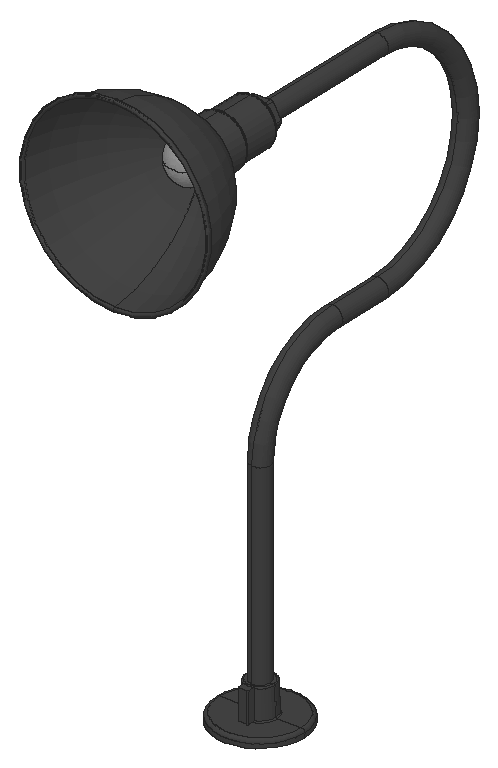
Revit family "BLE-G-DBW-G6-E26", category Lighting Fixtures, host Face, Revit 2022
Family settings
  Host = Face
  Round Connector Dimension = Use Diameter
  Part Type = Normal
  Cut with Voids When Loaded = No
  Light Source = Yes
  Maintain Annotation Orientation = No
  Shared = No
  Room Calculation Point = No
Parameters (values of type "10"")
  Wattage = 5.72229 W
  built-in parameter 1150110 = 1 (stored number, unit not read)
  built-in parameter 1114217 = 1 (stored number, unit not read)
  Tilt Angle = 0.00°
  built-in parameter 1150109 = 1 (stored number, unit not read)
  built-in parameter 1150134 = (empty or 0)
  built-in parameter 1150113 = 1 (stored number, unit not read)
  Gooseneck Material = 100 - Black
  Shade Material = 100 - Black
  Photometric Web File = "generic"
  built-in parameter 1150142 = (empty or 0)
  built-in parameter 1150105 = 67.641 (stored number, unit not read)
  Lumens = 850 lm
  built-in parameter 1150115 = 1 (stored number, unit not read)
  built-in parameter 1150137 = (empty or 0)
  built-in parameter 1150139 = (empty or 0)
  built-in parameter 1150112 = 1 (stored number, unit not read)
  built-in parameter 1150114 = 1 (stored number, unit not read)
  built-in parameter 1150132 = 2
  built-in parameter 1150102 = (empty or 0)
  built-in parameter 1150107 = 3000 (stored number, unit not read)
  built-in parameter 1150138 = (empty or 0)
  built-in parameter 1150106 = 0.67641 (stored number, unit not read)
  24" = no
  built-in parameter 1150104 = 13.8 (stored number, unit not read)
  20" = no
  Dimming Lamp Color Temperature Shift = <None>
  Default Elevation = 4' - 0"
  Color Filter = 16777215
  Base Material = 100 - Black
  built-in parameter 1114218 = 1 (stored number, unit not read)
  built-in parameter 1150133 = 10 (stored number, unit not read)
  16" = no
  14" = no
  12" = no
  10" = yes
Types (7): name | 24" | 20" | 16" | 14" | 12" | 10"
  (no name) | no | no | no | no | no | yes
  12" | no | no | no | no | yes | no
  14" | no | no | no | yes | no | no
  16" | no | no | yes | no | no | no
  10" | no | no | no | no | no | yes
  20" | no | yes | no | no | no | no
  24" | yes | no | no | no | no | no
Reference planes (in)
  plane 1 "Center (Front/Back)": y = 0
  plane 2: z = 0
  plane 3 "Center (Left/Right)": x = 0
Lines and regions (in)
  reference lines
    curve 1: line (0, 32, 0) -> (0, -36, 0)
    curve 2: line (-33.11947, 0, 0) -> (37.88053, 0, 0)
Dimensions and locks (in)
  locked: plane 1 "Center (Front/Back)" to imposter light at 4.5
  aligned and locked: plane 2 to host face
  aligned and locked: level to host face
  aligned and locked: plane 3 "Center (Left/Right)" to nested 1
  aligned and locked: plane 1 "Center (Front/Back)" to nested 1
  aligned and locked: nested 4 to imposter light
  aligned and locked: imposter light to nested 6  (x2)
  aligned and locked: nested 7 to nested 3
  aligned and locked: imposter light to plane 3 "Center (Left/Right)"
  aligned and locked: plane 1 "Center (Front/Back)" to nested 2
  aligned and locked: nested 5 to imposter light
  aligned and locked: imposter light to nested 3
  aligned and locked: nested 7 to imposter light
  aligned and locked: nested 3 to imposter light
  aligned and locked: imposter light to nested 5
  aligned and locked: imposter light to nested 2
Nested families (in)
  nested 1: "WBP-7501" at (0, 0, 0), type "WBP-7501"
  nested 2: "GNK-7506" at (0, 0, 1.975), type "GNK-5011"
  nested 3: "DBW Shade" at (0, -0.52662, 28.47502) x (0, 0, -1) z (0, -1, 0), type "DBW Shade"
    with 24" no, 20" no, 16" no, 14" no, 12" no
  nested 4: "103264" at (0, -3.60156, 28.47502) x (0, 0, -1) z (0, -1, 0), type "103264"
    with Heat Sink 9" no
  nested 5: "CPL-0004" at (0, 0.12356, 28.47502) x (1, 0, 0) z (0, -1, 0), type "CPL-0004"
  nested 6: "E26 Socket Assy" at (0, -0.56568, 28.47502) x (0, 0, -1) z (0, -1, 0), type "E26 Socket Assy"
  nested 7: "E26 Bulb" at (0, -2.82067, 28.47502) x (1, 0, 0) z (0, -1, 0), type "E26 Bulb"
Connectors (in)
  electrical at (0, 0, 0)
    settings: index 1, voltage 0 V, apparent load 0 VA, apparent load phase1 0 VA, apparent load phase2 0 VA, apparent load phase3 0 VA, power factor 1, load classification "Other", number of poles 1, system type 31, power factor state 1, is connector primary yes, connector utility no, sub classification motor no, connector description ""
Definition of nested family "WBP-7501"
  Parameters (values of type "WBP-7501")
    Default Elevation = 3' - 0"
    Base Material = none
  Reference planes (in)
    plane 1 "Center (Front/Back)": y = 0
    plane 2: z = 0
    plane 3 "Center (Left/Right)": x = 0
    plane 4 "Base Dia": x = -2.325
    plane 5 "Base Height": z = 0.4
    plane 6 "Fillet Radius": z = 0.225
    plane 7: z = 0.458
    plane 8: x = -0.87
    plane 9: x = -0.81
    plane 10: x = -0.76
    plane 11: z = 1.917
    plane 12: z = 1.975
    plane 13: x = -0.7
    plane 14: x = -0.2595
    plane 15: x = 0.2595
    plane 16: y = -1.135
  Forms (in)
    Extrusion 1, solid
      sketch origin (0, 0, 0) x (1, 0, 0) y (0, 1, 0)
        loop
          line (-48, 48) -> (-48, -48) -> (48, -48) -> (48, 48) -> (-48, 48)
      from 0 to -12
    Revolve 2, solid, material <- "Base Material"
      sketch origin (0, 0, 0) x (1, 0, 0) y (0, 0, 1)
        loop
          line (0, 0) -> (0, 1.975) -> (-0.7, 1.975)
          arc (-0.7, 1.975) -> (-0.74172, 1.95814) -> (-0.76, 1.91702) r 0.06003
          line (-0.76, 1.91702) -> (-0.81, 0.458)
          arc (-0.81, 0.458) -> (-0.82699, 0.41699) -> (-0.868, 0.4) r 0.058
          line (-0.868, 0.4) -> (-2.15, 0.4)
          arc (-2.15, 0.4) -> (-2.27374, 0.34874) -> (-2.325, 0.225) r 0.175
          line (-2.325, 0.225) -> (-2.325, 0) -> (0, 0)
        axis (0, 0) -> (0, 1.975)
      angle from 0 to 360
    Extrusion 3, solid, material <- "Base Material"
      sketch origin (0, 0, 0) x (1, 0, 0) y (0, 1, 0)
        loop
          line (-0.2595, -0.76731) -> (-0.2595, -1.075)
          arc (-0.2595, -1.075) -> (-0.24193, -1.11743) -> (-0.1995, -1.135) r 0.06
          line (-0.1995, -1.135) -> (0.1995, -1.135)
          arc (0.1995, -1.135) -> (0.24193, -1.11743) -> (0.2595, -1.075) r 0.06
          line (0.2595, -1.075) -> (0.2595, -0.76731)
          arc (0.2595, -0.76731) -> (0, -0.81) -> (-0.2595, -0.76731) r 0.81
      from 0 to 1.975
  Cuts and joins
    joined: Revolve 2, Extrusion 3
  Dimensions and locks (in)
    plane 4 "Base Dia" to plane 3 "Center (Left/Right)" = 0' - 2.325"
    locked: plane 5 "Base Height" to Extrusion 1 at 0.4
    locked: plane 3 "Center (Left/Right)" to plane 4 "Base Dia" at 2.325
    locked: plane 5 "Base Height" to plane 6 "Fillet Radius" at 0.175
    locked: plane 3 "Center (Left/Right)" to plane 9 at 0.81
    locked: plane 3 "Center (Left/Right)" to plane 8 at 0.87
    locked: plane 3 "Center (Left/Right)" to plane 10 at 0.76
    locked: plane 3 "Center (Left/Right)" to plane 13 at 0.7
    locked: plane 11 to plane 5 "Base Height" at 1.517
    locked: plane 12 to plane 5 "Base Height" at 1.575
    locked: plane 7 to plane 5 "Base Height" at 0.058
    locked: plane 14 to plane 3 "Center (Left/Right)" at 0.2595
    locked: plane 3 "Center (Left/Right)" to plane 15 at 0.2595
    locked: plane 16 to plane 1 "Center (Front/Back)" at 1.135
    radius of Revolve 2 sketch curve = 0' - 0.175"
    aligned and locked: plane 2 to Extrusion 1
    aligned and locked: level to Extrusion 1
    aligned and locked: Revolve 2 sketch curve to plane 5 "Base Height"
    aligned and locked: plane 9 to Revolve 2 sketch curve
    aligned and locked: plane 3 "Center (Left/Right)" to Revolve 2 sketch curve
    aligned and locked: plane 15 to Extrusion 3 sketch curve
    aligned and locked: Extrusion 3 sketch curve to plane 16
    aligned and locked: Extrusion 3 sketch curve to plane 14
  Automatic sketch dimensions
    Extrusion 1 sketch curve to Extrusion 1 sketch curve = 8' - 0"  (x2)
    Revolve 2 sketch curve to level = 0' - 0"
    Revolve 2 sketch curve to plane 4 "Base Dia" = 0' - 0"
    Revolve 2 sketch curve to plane 7 = 0' - 0"  (x2)
    plane 10 to Revolve 2 sketch curve = 0' - 0"
    Revolve 2 sketch curve to plane 12 = 0' - 0"
    Revolve 2 sketch curve to plane 13 = 0' - 0"
    Revolve 2 sketch curve to plane 3 "Center (Left/Right)" = 0' - 0"
    Revolve 2 sketch curve to Revolve 2 sketch curve = 0' - 0.22742"
    Revolve 2 sketch curve to Revolve 2 sketch curve = 0' - 1.76377"
    plane 1 "Center (Front/Back)" to Extrusion 3 sketch curve = 0' - 0"
    Extrusion 3 sketch curve to plane 3 "Center (Left/Right)" = 0' - 0"
    plane 14 to Extrusion 3 sketch curve = 0' - 0.06"
    Extrusion 3 sketch curve to plane 15 = 0' - 0.06"
    Extrusion 3 sketch curve to Extrusion 3 sketch curve = 0' - 0.30769"
Definition of nested family "GNK-7506"
  Parameters (values of type "GNK-7506")
    Gooseneck Material = none
    Default Elevation = 2' - 0"
  Reference planes (in)
    plane 1 "Center (Front/Back)": y = 0
    plane 2: z = 0
    plane 3 "Center (Left/Right)": x = 0
    plane 4 "Wood Height": z = 0
    plane 5: z = 26.50002
  Forms (in)
    Extrusion 1, solid
      sketch origin (0, 0, 0) x (1, 0, 0) y (0, 1, 0)
        loop
          line (-48, 48) -> (-48, -48) -> (48, -48) -> (48, 48) -> (-48, 48)
      from 0 to -12
    Sweep 2, solid, material <- "Gooseneck Material"
      path origin (0, 0, 0) x (0, 1, 0) y (0, 0, 1)
        loop
          line (0, -0.0015) -> (0, 10.25116)
          arc (0, 10.25116) -> (1.39092, 13.60915) -> (4.74891, 15.00007) r 4.74891
          line (4.74891, 15.00007) -> (7.75038, 15.00007)
          arc (7.75038, 15.00007) -> (13.50036, 20.75004) -> (7.75038, 26.50002) r 5.74997
          line (7.75038, 26.50002) -> (0.12356, 26.50002)
      profile origin (0, 0, 5.12483) x (0, -1, 0) y (1, 0, 0)
        loop
          circle (0, 0) r 0.52676
  Dimensions and locks (in)
    aligned and locked: plane 2 to Extrusion 1
    aligned and locked: level to Extrusion 1
    aligned and locked: Extrusion 1 to plane 4 "Wood Height"
  Automatic sketch dimensions
    Extrusion 1 sketch curve to Extrusion 1 sketch curve = 8' - 0"  (x2)
    Sweep 2 sketch curve to plane 3 "Center (Left/Right)" = 0' - 0"
    Sweep 2 sketch curve to profile plane = 0' - 0"
    Sweep 2 sketch curve to plane 1 "Center (Front/Back)" = 0' - 0"
    Sweep 2 sketch curve to plane 1 "Center (Front/Back)" = 0' - 4.74891"
    Sweep 2 sketch curve to Sweep 2 sketch curve = 0' - 3.00147"
    level to Sweep 2 sketch curve = 0' - 10.25116"
    Sweep 2 sketch curve to Sweep 2 sketch curve = 0' - 5.74997"
    Sweep 2 sketch curve to plane 1 "Center (Front/Back)" = 0' - 0.12356"
    Sweep 2 sketch curve to level = 0' - 0.0015"
    radius of Sweep 2 sketch curve = 0' - 0.52676"
Definition of nested family "DBW Shade"
  Parameters (values of type "DBW Shade")
    Shade Material = none
    Default Elevation = 2' - 0"
    24" = yes
    20" = yes
    10" = yes
    16" = yes
    14" = yes
    12" = yes
  Reference planes (in)
    plane 1 "Center (Front/Back)": y = 0
    plane 2: z = 0
    plane 3 "Center (Left/Right)": x = 0
  Forms (in)
    Extrusion 1, solid
      sketch origin (0, 0, 0) x (1, 0, 0) y (0, 1, 0)
        loop
          line (-48, 48) -> (-48, -48) -> (48, -48) -> (48, 48) -> (-48, 48)
      from 0 to -12
  Dimensions and locks (in)
    aligned and locked: plane 2 to Extrusion 1
    aligned and locked: level to Extrusion 1
    aligned and locked: plane 1 "Center (Front/Back)" to nested 1
    aligned and locked: plane 3 "Center (Left/Right)" to nested 1
    aligned and locked: plane 3 "Center (Left/Right)" to nested 2
    aligned and locked: plane 1 "Center (Front/Back)" to nested 2
    aligned and locked: plane 1 "Center (Front/Back)" to nested 3
    aligned and locked: plane 3 "Center (Left/Right)" to nested 3
    aligned and locked: plane 1 "Center (Front/Back)" to nested 4
    aligned and locked: plane 1 "Center (Front/Back)" to nested 5
    aligned and locked: plane 3 "Center (Left/Right)" to nested 5
    aligned and locked: plane 3 "Center (Left/Right)" to nested 6
    aligned and locked: plane 1 "Center (Front/Back)" to nested 6
    aligned and locked: plane 3 "Center (Left/Right)" to nested 4
  Nested families (in)
    nested 1: "SHD-0028" at (0, 0, 0), visible <- "10"", type "SHD-0028"
    nested 2: "SHD-0029" at (0, 0, 0), visible <- "12"", type "SHD-0029"
    nested 3: "SHD-0114" at (0, 0, 0), visible <- "14"", type "SHD-0114"
    nested 4: "SHD-0115" at (0, 0, 0), visible <- "16"", type "SHD-0115"
    nested 5: "SHD-0308" at (0, 0, 0), visible <- "24"", type "SHD-0308"
    nested 6: "SHD-0223" at (0, 0, 0), visible <- "20"", type "SHD-0223"
  Definition of nested family "SHD-0028"
    Parameters (values of type "SHD-0028")
      Shade Material = none
      Default Elevation = 2' - 0"
    Reference planes (in)
      plane 1 "Center (Front/Back)": y = 0
      plane 2: z = 0
      plane 3 "Center (Left/Right)": x = 0
      plane 4 "Wood Height": z = 0
      plane 5 "Nut Radius": x = -1.03713
      plane 6 "Nut Flat": x = -0.861
      plane 7 "Shade Thickness": z = 0.04
      plane 8 "Lower Shade bottom": z = 9.109
      plane 9 "Lower Shade Outer Dia": x = -5
      plane 10 "Shade Top Dia": x = -1.20713
      plane 11 "Shade Middle Radius Height1": z = 1.965
      plane 12 "Shade Lower Diameter1": x = -1.44113
      plane 13 "Shade Top Radius": x = -1.29713
      plane 14 "Shade Middle Radious Height2": z = 2.105
      plane 15 "Shade Middle Radius Diameter2": x = -1.41363
      plane 16 "Lip Height": z = 9.029
      plane 17 "Bowl Start": z = 3.545
      plane 18: x = -4.85
      plane 19: z = 9.069
    Forms (in)
      Extrusion 1, solid
        sketch origin (0, 0, 0) x (1, 0, 0) y (0, 1, 0)
          loop
            line (-48, 48) -> (-48, -48) -> (48, -48) -> (48, 48) -> (-48, 48)
        from 0 to -12
      Revolve 2, solid, material <- "Shade Material"
        sketch origin (0, 0, 0) x (1, 0, 0) y (0, 0, 1)
          loop
            line (0, 0) -> (0, 0.03906) -> (-1.20713, 0.03906)
            arc (-1.20713, 0.03906) -> (-1.24314, 0.05398) -> (-1.25806, 0.09) r 0.05094
            line (-1.25806, 0.09) -> (-1.25806, 1.94384)
            arc (-1.25806, 1.94384) -> (-1.26409, 1.97759) -> (-1.28141, 2.00717) r 0.09757
            line (-1.28141, 2.00717) -> (-1.37456, 2.11635) -> (-1.37456, 3.48096)
            arc (-1.37456, 3.48096) -> (-1.39014, 3.54099) -> (-1.43295, 3.58588) r 0.12347
            arc (-1.43295, 3.58588) -> (-3.7536, 5.90437) -> (-4.80544, 9.01154) r 7.20294
            arc (-4.80544, 9.01154) -> (-4.99326, 9.04214) -> (-4.84504, 8.9228) r 0.09841
            line (-4.84504, 8.9228) -> (-4.86619, 8.95581)
            arc (-4.86619, 8.95581) -> (-4.95809, 9.02506) -> (-4.84432, 9.00777) r 0.05934
            arc (-4.84432, 9.00777) -> (-3.78678, 5.88375) -> (-1.45354, 3.55268) r 7.242
            arc (-1.45354, 3.55268) -> (-1.42428, 3.522) -> (-1.41363, 3.48096) r 0.0844
            line (-1.41363, 3.48096) -> (-1.41363, 2.13147)
            arc (-1.41363, 2.13147) -> (-1.40868, 2.10377) -> (-1.39446, 2.07949) r 0.08009
            line (-1.39446, 2.07949) -> (-1.31112, 1.98181)
            arc (-1.31112, 1.98181) -> (-1.30074, 1.96408) -> (-1.29713, 1.94384) r 0.0585
            line (-1.29713, 1.94384) -> (-1.29713, 0.09)
            arc (-1.29713, 0.09) -> (-1.27077, 0.02636) -> (-1.20713, 0) r 0.09
            line (-1.20713, 0) -> (0, 0)
          axis (0, 9.01154) -> (0, 0)
        angle from 0 to 360
    Dimensions and locks (in)
      locked: plane 6 "Nut Flat" to plane 3 "Center (Left/Right)" at 0.861
      locked: plane 7 "Shade Thickness" to plane 4 "Wood Height" at 0.04
      locked: plane 3 "Center (Left/Right)" to plane 9 "Lower Shade Outer Dia" at 5
      locked: plane 11 "Shade Middle Radius Height1" to plane 4 "Wood Height" at 1.965
      locked: plane 14 "Shade Middle Radious Height2" to plane 4 "Wood Height" at 2.105
      locked: plane 8 "Lower Shade bottom" to plane 16 "Lip Height" at 0.08
      locked: plane 17 "Bowl Start" to plane 4 "Wood Height" at 3.545
      locked: plane 18 to plane 9 "Lower Shade Outer Dia" at 0.15
      locked: plane 8 "Lower Shade bottom" to plane 19 at 0.04
      locked: plane 8 "Lower Shade bottom" to plane 4 "Wood Height" at 9.109
      aligned and locked: plane 2 to Extrusion 1
      aligned and locked: level to Extrusion 1
      aligned and locked: plane 4 "Wood Height" to Revolve 2 sketch curve
      aligned and locked: plane 10 "Shade Top Dia" to Revolve 2 sketch curve
      aligned and locked: Revolve 2 sketch curve to plane 15 "Shade Middle Radius Diameter2"
      aligned and locked: Revolve 2 sketch curve to plane 13 "Shade Top Radius"
      aligned and locked: Extrusion 1 to plane 4 "Wood Height"
    Automatic sketch dimensions
      Extrusion 1 sketch curve to Extrusion 1 sketch curve = 8' - 0"  (x2)
      Revolve 2 sketch curve to Revolve 2 sketch curve = 0' - 0"  (x12)
      Revolve 2 sketch curve to plane 3 "Center (Left/Right)" = 0' - 0"  (x2)
      plane 18 to Revolve 2 sketch curve = 0' - 0.00496"
      Revolve 2 sketch curve to plane 18 = 0' - 0.01619"
      plane 15 "Shade Middle Radius Diameter2" to Revolve 2 sketch curve = 0' - 0.01916"
      plane 14 "Shade Middle Radious Height2" to Revolve 2 sketch curve = 0' - 0.01135"
      plane 15 "Shade Middle Radius Diameter2" to Revolve 2 sketch curve = 0' - 0 5/128"
      Revolve 2 sketch curve to plane 11 "Shade Middle Radius Height1" = 0' - 0.02116"
      plane 15 "Shade Middle Radius Diameter2" to Revolve 2 sketch curve = 0' - 0.058"
      plane 14 "Shade Middle Radious Height2" to Revolve 2 sketch curve = 0' - 0.02647"
      Revolve 2 sketch curve to plane 13 "Shade Top Radius" = 0' - 0.01572"
      Revolve 2 sketch curve to Revolve 2 sketch curve = 0' - 0 5/128"
      Revolve 2 sketch curve to plane 17 "Bowl Start" = 0' - 0.06404"
      plane 18 to Revolve 2 sketch curve = 0' - 0.00568"
      plane 17 "Bowl Start" to Revolve 2 sketch curve = 0' - 0.15101"
      Revolve 2 sketch curve to Revolve 2 sketch curve = 0' - 2.15863"
      Revolve 2 sketch curve to plane 12 "Shade Lower Diameter1" = 0' - 0.00818"
      Revolve 2 sketch curve to Revolve 2 sketch curve = 0' - 0.03888"  (x2)
      Revolve 2 sketch curve to Revolve 2 sketch curve = 0' - 0.03301"
      Revolve 2 sketch curve to Revolve 2 sketch curve = 0' - 0.02059"
      Revolve 2 sketch curve to Revolve 2 sketch curve = 0' - 0.03319"
  Definition of nested family "SHD-0029"
    Parameters (values of type "SHD-0029")
      Shade Material = none
      Default Elevation = 2' - 0"
    Reference planes (in)
      plane 1 "Center (Front/Back)": y = 0
      plane 2: z = 0
      plane 3 "Center (Left/Right)": x = 0
      plane 4 "Wood Height": z = 0
      plane 5 "Nut Radius": x = -1.03713
      plane 6 "Nut Flat": x = -0.861
      plane 7 "Shade Thickness": z = 0.04
      plane 8 "Shade Top Dia": x = -1.20713
      plane 9 "Shade Middle Radius Height1": z = 1.965
      plane 10 "Shade Lower Diameter1": x = -1.44113
      plane 11 "Shade Top Radius": x = -1.29713
      plane 12 "Shade Middle Radious Height2": z = 2.105
      plane 13 "Shade Middle Radius Diameter2": x = -1.41363
      plane 14 "Bowl Start": z = 3.545
    Forms (in)
      Extrusion 1, solid
        sketch origin (0, 0, 0) x (1, 0, 0) y (0, 1, 0)
          loop
            line (-48, 48) -> (-48, -48) -> (48, -48) -> (48, 48) -> (-48, 48)
        from 0 to -12
      Revolve 2, solid, material <- "Shade Material"
        sketch origin (0, 0, 0) x (1, 0, 0) y (0, 0, 1)
          loop
            line (0, 0) -> (0, 0.03906) -> (-1.20713, 0.03906)
            arc (-1.20713, 0.03906) -> (-1.24314, 0.05398) -> (-1.25806, 0.09) r 0.05094
            line (-1.25806, 0.09) -> (-1.25806, 1.94384)
            arc (-1.25806, 1.94384) -> (-1.26409, 1.97759) -> (-1.28141, 2.00717) r 0.09757
            line (-1.28141, 2.00717) -> (-1.37456, 2.11635) -> (-1.37456, 3.49488)
            arc (-1.37456, 3.49488) -> (-1.3856, 3.54027) -> (-1.41623, 3.57553) r 0.09889
            arc (-1.41623, 3.57553) -> (-4.2546, 6.22323) -> (-5.80711, 9.7808) r 9.56481
            arc (-5.80711, 9.7808) -> (-5.99536, 9.79563) -> (-5.84506, 9.68132) r 0.09841
            line (-5.84506, 9.68132) -> (-5.86621, 9.71432)
            arc (-5.86621, 9.71432) -> (-5.9593, 9.78052) -> (-5.84534, 9.77276) r 0.05934
            arc (-5.84534, 9.77276) -> (-4.28694, 6.2013) -> (-1.43786, 3.54296) r 9.60387
            arc (-1.43786, 3.54296) -> (-1.42003, 3.5218) -> (-1.41363, 3.49488) r 0.05982
            line (-1.41363, 3.49488) -> (-1.41363, 2.13147)
            arc (-1.41363, 2.13147) -> (-1.40868, 2.10377) -> (-1.39446, 2.07949) r 0.08009
            line (-1.39446, 2.07949) -> (-1.31112, 1.98181)
            arc (-1.31112, 1.98181) -> (-1.30074, 1.96408) -> (-1.29713, 1.94384) r 0.0585
            line (-1.29713, 1.94384) -> (-1.29713, 0.09)
            arc (-1.29713, 0.09) -> (-1.27077, 0.02636) -> (-1.20713, 0) r 0.09
            line (-1.20713, 0) -> (0, 0)
          axis (0, 9.7808) -> (0, 0)
        angle from 0 to 360
    Dimensions and locks (in)
      locked: plane 6 "Nut Flat" to plane 3 "Center (Left/Right)" at 0.861
      locked: plane 7 "Shade Thickness" to plane 4 "Wood Height" at 0.04
      locked: plane 9 "Shade Middle Radius Height1" to plane 4 "Wood Height" at 1.965
      locked: plane 12 "Shade Middle Radious Height2" to plane 4 "Wood Height" at 2.105
      locked: plane 14 "Bowl Start" to plane 4 "Wood Height" at 3.545
      aligned and locked: plane 2 to Extrusion 1
      aligned and locked: level to Extrusion 1
      aligned and locked: plane 4 "Wood Height" to Revolve 2 sketch curve
      aligned and locked: plane 8 "Shade Top Dia" to Revolve 2 sketch curve
      aligned and locked: Revolve 2 sketch curve to plane 13 "Shade Middle Radius Diameter2"
      aligned and locked: Revolve 2 sketch curve to plane 11 "Shade Top Radius"
      aligned and locked: Extrusion 1 to plane 4 "Wood Height"
    Automatic sketch dimensions
      Extrusion 1 sketch curve to Extrusion 1 sketch curve = 8' - 0"  (x2)
      Revolve 2 sketch curve to Revolve 2 sketch curve = 0' - 0"  (x15)
      Revolve 2 sketch curve to plane 3 "Center (Left/Right)" = 0' - 0"  (x2)
      plane 10 "Shade Lower Diameter1" to Revolve 2 sketch curve = 0' - 0.03232"
      Revolve 2 sketch curve to Revolve 2 sketch curve = 0' - 0.02115"
      Revolve 2 sketch curve to Revolve 2 sketch curve = 0' - 0.0372"
      plane 13 "Shade Middle Radius Diameter2" to Revolve 2 sketch curve = 0' - 0.01916"
      plane 12 "Shade Middle Radious Height2" to Revolve 2 sketch curve = 0' - 0.01135"
      plane 13 "Shade Middle Radius Diameter2" to Revolve 2 sketch curve = 0' - 0 5/128"
      Revolve 2 sketch curve to plane 9 "Shade Middle Radius Height1" = 0' - 0.02116"
      plane 13 "Shade Middle Radius Diameter2" to Revolve 2 sketch curve = 0' - 0.058"
      plane 12 "Shade Middle Radious Height2" to Revolve 2 sketch curve = 0' - 0.02647"
      Revolve 2 sketch curve to plane 11 "Shade Top Radius" = 0' - 0.01572"
      Revolve 2 sketch curve to Revolve 2 sketch curve = 0' - 0 5/128"
      Revolve 2 sketch curve to plane 14 "Bowl Start" = 0' - 0.05012"
      Revolve 2 sketch curve to Revolve 2 sketch curve = 0' - 0.03301"
      Revolve 2 sketch curve to Revolve 2 sketch curve = 0' - 0.04623"
      Revolve 2 sketch curve to plane 13 "Shade Middle Radius Diameter2" = 0' - 0.00261"
      Revolve 2 sketch curve to plane 14 "Bowl Start" = 0' - 0.00204"
      plane 14 "Bowl Start" to Revolve 2 sketch curve = 0' - 0.15101"
      Revolve 2 sketch curve to Revolve 2 sketch curve = 0' - 2.15863"
      plane 10 "Shade Lower Diameter1" to Revolve 2 sketch curve = 0' - 4.40394"
      plane 3 "Center (Left/Right)" to Revolve 2 sketch curve = 0' - 3.5532"
      plane 14 "Bowl Start" to Revolve 2 sketch curve = 0' - 6.13632"
  Definition of nested family "SHD-0114"
    Parameters (values of type "SHD-0114")
      Shade Material = none
      Default Elevation = 2' - 0"
    Reference planes (in)
      plane 1 "Center (Front/Back)": y = 0
      plane 2: z = 0
      plane 3 "Center (Left/Right)": x = 0
      plane 4 "Wood Height": z = 0
    Forms (in)
      Extrusion 1, solid
        sketch origin (0, 0, 0) x (1, 0, 0) y (0, 1, 0)
          loop
            line (-48, 48) -> (-48, -48) -> (48, -48) -> (48, 48) -> (-48, 48)
        from 0 to -12
      Revolve 2, solid, material <- "Shade Material"
        sketch origin (0, 0, 0) x (1, 0, 0) y (0, 0, 1)
          loop
            line (0, 0) -> (0, 0.03906) -> (-1.45545, 0.03906)
            arc (-1.45545, 0.03906) -> (-1.49164, 0.05405) -> (-1.50663, 0.09025) r 0.05119
            line (-1.50663, 0.09025) -> (-1.50663, 2.07228)
            arc (-1.50663, 2.07228) -> (-1.51325, 2.1034) -> (-1.53194, 2.12913) r 0.0765
            line (-1.53194, 2.12913) -> (-1.59895, 2.18946)
            arc (-1.59895, 2.18946) -> (-1.61737, 2.21483) -> (-1.62389, 2.24549) r 0.07539
            line (-1.62389, 2.24549) -> (-1.62389, 3.76049)
            arc (-1.62389, 3.76049) -> (-1.63985, 3.81863) -> (-1.68326, 3.86047) r 0.11386
            arc (-1.68326, 3.86047) -> (-5.12462, 6.95788) -> (-6.79993, 11.27416) r 9.99002
            arc (-6.79993, 11.27416) -> (-6.99505, 11.29998) -> (-6.84047, 11.17815) r 0.10205
            line (-6.84047, 11.17815) -> (-6.86365, 11.20959)
            arc (-6.86365, 11.20959) -> (-6.95906, 11.28479) -> (-6.83863, 11.26885) r 0.06299
            arc (-6.83863, 11.26885) -> (-5.15677, 6.93569) -> (-1.70196, 3.82617) r 10.02909
            arc (-1.70196, 3.82617) -> (-1.67344, 3.79868) -> (-1.66295, 3.76049) r 0.07479
            line (-1.66295, 3.76049) -> (-1.66295, 2.24549)
            arc (-1.66295, 2.24549) -> (-1.65306, 2.19894) -> (-1.62508, 2.16043) r 0.11445
            line (-1.62508, 2.16043) -> (-1.55808, 2.1001)
            arc (-1.55808, 2.1001) -> (-1.54893, 2.08751) -> (-1.54569, 2.07228) r 0.03743
            line (-1.54569, 2.07228) -> (-1.54569, 0.09025)
            arc (-1.54569, 0.09025) -> (-1.51926, 0.02643) -> (-1.45545, 0) r 0.09025
            line (-1.45545, 0) -> (0, 0)
          axis (0, 11.27416) -> (0, 0)
        angle from 0 to 360
    Dimensions and locks (in)
      aligned and locked: plane 2 to Extrusion 1
      aligned and locked: level to Extrusion 1
      aligned and locked: Extrusion 1 to plane 4 "Wood Height"
    Automatic sketch dimensions
      Extrusion 1 sketch curve to Extrusion 1 sketch curve = 8' - 0"  (x2)
      Revolve 2 sketch curve to Revolve 2 sketch curve = 0' - 0"  (x25)
      Revolve 2 sketch curve to level = 0' - 0"
      Revolve 2 sketch curve to plane 3 "Center (Left/Right)" = 0' - 0"  (x2)
      Revolve 2 sketch curve to Revolve 2 sketch curve = 0' - 0.01239"
      Revolve 2 sketch curve to Revolve 2 sketch curve = 0' - 0.07479"
      Revolve 2 sketch curve to Revolve 2 sketch curve = 0' - 0.02318"
      Revolve 2 sketch curve to Revolve 2 sketch curve = 0' - 0.03738"
      Revolve 2 sketch curve to Revolve 2 sketch curve = 0' - 0.03144"
      Revolve 2 sketch curve to Revolve 2 sketch curve = 0' - 0.0507"
      Revolve 2 sketch curve to Revolve 2 sketch curve = 0' - 0.01869"  (x2)
      Revolve 2 sketch curve to Revolve 2 sketch curve = 0' - 2.15863"
      plane 3 "Center (Left/Right)" to Revolve 2 sketch curve = 0' - 3.09734"
      Revolve 2 sketch curve to Revolve 2 sketch curve = 0' - 0.02614"
      Revolve 2 sketch curve to Revolve 2 sketch curve = 0' - 0 5/128"  (x2)
      Revolve 2 sketch curve to Revolve 2 sketch curve = 0' - 1.45545"
      Revolve 2 sketch curve to Revolve 2 sketch curve = 0' - 0.05119"
      Revolve 2 sketch curve to Revolve 2 sketch curve = 0' - 0.02531"
      Revolve 2 sketch curve to Revolve 2 sketch curve = 0' - 0.01656"
      Revolve 2 sketch curve to Revolve 2 sketch curve = 0' - 0.02505"
      Revolve 2 sketch curve to Revolve 2 sketch curve = 0' - 0.05045"
      Revolve 2 sketch curve to plane 3 "Center (Left/Right)" = 0' - 6.84047"
      Revolve 2 sketch curve to Revolve 2 sketch curve = 0' - 1.98204"
      Revolve 2 sketch curve to Revolve 2 sketch curve = 0' - 1.515"
      Revolve 2 sketch curve to Revolve 2 sketch curve = 0' - 7.41765"
      Revolve 2 sketch curve to Revolve 2 sketch curve = 0' - 0.06448"
  Definition of nested family "SHD-0115"
    Parameters (values of type "SHD-0115")
      Shade Material = none
      Default Elevation = 2' - 0"
    Reference planes (in)
      plane 1 "Center (Front/Back)": y = 0
      plane 2: z = 0
      plane 3 "Center (Left/Right)": x = 0
      plane 4 "Wood Height": z = 0
    Forms (in)
      Extrusion 1, solid
        sketch origin (0, 0, 0) x (1, 0, 0) y (0, 1, 0)
          loop
            line (-48, 48) -> (-48, -48) -> (48, -48) -> (48, 48) -> (-48, 48)
        from 0 to -12
      Revolve 2, solid, material <- "Shade Material"
        sketch origin (0, 0, 0) x (1, 0, 0) y (0, 0, 1)
          loop
            line (0, 0) -> (0, 0.03906) -> (-1.45545, 0.03906)
            arc (-1.45545, 0.03906) -> (-1.49164, 0.05405) -> (-1.50663, 0.09025) r 0.05119
            line (-1.50663, 0.09025) -> (-1.50663, 2.07228)
            arc (-1.50663, 2.07228) -> (-1.51325, 2.1034) -> (-1.53194, 2.12913) r 0.0765
            line (-1.53194, 2.12913) -> (-1.59895, 2.18946)
            arc (-1.59895, 2.18946) -> (-1.61737, 2.21483) -> (-1.62389, 2.24549) r 0.07539
            line (-1.62389, 2.24549) -> (-1.62389, 3.76049)
            arc (-1.62389, 3.76049) -> (-1.64115, 3.82076) -> (-1.6877, 3.86276) r 0.11386
            arc (-1.6877, 3.86276) -> (-5.9143, 7.51176) -> (-7.79992, 12.76759) r 10.98102
            arc (-7.79992, 12.76759) -> (-7.99459, 12.80067) -> (-7.84102, 12.67655) r 0.10205
            line (-7.84102, 12.67655) -> (-7.8642, 12.70799)
            arc (-7.8642, 12.70799) -> (-7.95899, 12.7846) -> (-7.83883, 12.76418) r 0.06299
            arc (-7.83883, 12.76418) -> (-5.94651, 7.48965) -> (-1.70487, 3.82767) r 11.02008
            arc (-1.70487, 3.82767) -> (-1.67429, 3.80009) -> (-1.66295, 3.76049) r 0.07479
            line (-1.66295, 3.76049) -> (-1.66295, 2.24549)
            arc (-1.66295, 2.24549) -> (-1.65306, 2.19894) -> (-1.62508, 2.16043) r 0.11445
            line (-1.62508, 2.16043) -> (-1.55808, 2.1001)
            arc (-1.55808, 2.1001) -> (-1.54893, 2.08751) -> (-1.54569, 2.07228) r 0.03743
            line (-1.54569, 2.07228) -> (-1.54569, 0.09025)
            arc (-1.54569, 0.09025) -> (-1.51926, 0.02643) -> (-1.45545, 0) r 0.09025
            line (-1.45545, 0) -> (0, 0)
          axis (0, 12.76759) -> (0, 0)
        angle from 0 to 360
    Dimensions and locks (in)
      aligned and locked: plane 2 to Extrusion 1
      aligned and locked: level to Extrusion 1
      aligned and locked: Extrusion 1 to plane 4 "Wood Height"
    Automatic sketch dimensions
      Extrusion 1 sketch curve to Extrusion 1 sketch curve = 8' - 0"  (x2)
      Revolve 2 sketch curve to Revolve 2 sketch curve = 0' - 0"  (x16)
      Revolve 2 sketch curve to level = 0' - 0"
      Revolve 2 sketch curve to plane 3 "Center (Left/Right)" = 0' - 0"  (x2)
      Revolve 2 sketch curve to Revolve 2 sketch curve = 0' - 1.45545"
      Revolve 2 sketch curve to plane 3 "Center (Left/Right)" = 0' - 1.50663"
      Revolve 2 sketch curve to Revolve 2 sketch curve = 0' - 0.02531"
      Revolve 2 sketch curve to Revolve 2 sketch curve = 0' - 0 5/128"
      Revolve 2 sketch curve to Revolve 2 sketch curve = 0' - 0.01656"
      Revolve 2 sketch curve to Revolve 2 sketch curve = 0' - 0.01239"
      Revolve 2 sketch curve to Revolve 2 sketch curve = 0' - 0.02505"
      Revolve 2 sketch curve to Revolve 2 sketch curve = 0' - 0.05045"
      Revolve 2 sketch curve to Revolve 2 sketch curve = 0' - 0.02494"
      Revolve 2 sketch curve to Revolve 2 sketch curve = 0' - 0.02614"
      Revolve 2 sketch curve to Revolve 2 sketch curve = 0' - 0.07479"
      Revolve 2 sketch curve to Revolve 2 sketch curve = 0' - 0.02318"
      Revolve 2 sketch curve to Revolve 2 sketch curve = 0' - 0.03738"
      plane 3 "Center (Left/Right)" to Revolve 2 sketch curve = 0' - 3.13919"
      Revolve 2 sketch curve to Revolve 2 sketch curve = 0' - 1.98204"
      Revolve 2 sketch curve to Revolve 2 sketch curve = 0' - 1.515"
      Revolve 2 sketch curve to Revolve 2 sketch curve = 0' - 0.03144"
      Revolve 2 sketch curve to Revolve 2 sketch curve = 0' - 0.0507"
      Revolve 2 sketch curve to Revolve 2 sketch curve = 0' - 1.04947"
      Revolve 2 sketch curve to Revolve 2 sketch curve = 0' - 0.03891"
      Revolve 2 sketch curve to Revolve 2 sketch curve = 0' - 0.06448"
      Revolve 2 sketch curve to Revolve 2 sketch curve = 0' - 2.15863"
  Definition of nested family "SHD-0308"
    Parameters (values of type "SHD-0308")
      Shade Material = none
      Default Elevation = 2' - 0"
    Reference planes (in)
      plane 1 "Center (Front/Back)": y = 0
      plane 2: z = 0
      plane 3 "Center (Left/Right)": x = 0
      plane 4 "Wood Height": z = 0
    Forms (in)
      Extrusion 1, solid
        sketch origin (0, 0, 0) x (1, 0, 0) y (0, 1, 0)
          loop
            line (-48, 48) -> (-48, -48) -> (48, -48) -> (48, 48) -> (-48, 48)
        from 0 to -12
      Revolve 2, solid, material <- "Shade Material"
        sketch origin (0, 0, 0) x (1, 0, 0) y (0, 0, 1)
          loop
            line (0, 0) -> (0, 0.03906) -> (-2.22237, 0.03906)
            arc (-2.22237, 0.03906) -> (-2.2742, 0.06053) -> (-2.29567, 0.11236) r 0.0733
            line (-2.29567, 0.11236) -> (-2.29567, 3.09806)
            arc (-2.29567, 3.09806) -> (-2.30835, 3.16758) -> (-2.34475, 3.22814) r 0.19691
            line (-2.34475, 3.22814) -> (-2.42725, 3.32189)
            arc (-2.42725, 3.32189) -> (-2.46224, 3.38009) -> (-2.47442, 3.4469) r 0.18923
            line (-2.47442, 3.4469) -> (-2.47442, 5.72055)
            arc (-2.47442, 5.72055) -> (-2.4994, 5.80773) -> (-2.56677, 5.86845) r 0.16462
            arc (-2.56677, 5.86845) -> (-9.0535, 11.47959) -> (-11.91654, 19.56448) r 16.76616
            arc (-11.91654, 19.56448) -> (-11.93143, 19.59499) -> (-11.96306, 19.60734) r 0.04667
            line (-11.96306, 19.60734) -> (-12.00319, 19.60734)
            arc (-12.00319, 19.60734) -> (-12.07667, 19.53386) -> (-12.00319, 19.46037) r 0.07348
            line (-12.00319, 19.46037) -> (-11.96309, 19.46037) -> (-11.96309, 19.49944) -> (-12.00319, 19.49944)
            arc (-12.00319, 19.49944) -> (-12.03761, 19.53386) -> (-12.00319, 19.56828) r 0.03442
            line (-12.00319, 19.56828) -> (-11.95604, 19.56828)
            arc (-11.95604, 19.56828) -> (-9.08774, 11.46046) -> (-2.58392, 5.83336) r 16.80523
            arc (-2.58392, 5.83336) -> (-2.53254, 5.78704) -> (-2.51348, 5.72055) r 0.12556
            line (-2.51348, 5.72055) -> (-2.51348, 3.4469)
            arc (-2.51348, 3.4469) -> (-2.49878, 3.3663) -> (-2.45658, 3.29609) r 0.22829
            line (-2.45658, 3.29609) -> (-2.37408, 3.20234)
            arc (-2.37408, 3.20234) -> (-2.34489, 3.15379) -> (-2.33473, 3.09806) r 0.15785
            line (-2.33473, 3.09806) -> (-2.33473, 0.11236)
            arc (-2.33473, 0.11236) -> (-2.30182, 0.03291) -> (-2.22237, 0) r 0.11236
            line (-2.22237, 0) -> (0, 0)
          axis (0, 19.60734) -> (0, 0)
        angle from 0 to 360
    Dimensions and locks (in)
      aligned and locked: plane 2 to Extrusion 1
      aligned and locked: level to Extrusion 1
      aligned and locked: Extrusion 1 to plane 4 "Wood Height"
    Automatic sketch dimensions
      Extrusion 1 sketch curve to Extrusion 1 sketch curve = 8' - 0"  (x2)
      Revolve 2 sketch curve to Revolve 2 sketch curve = 0' - 0"  (x24)
      Revolve 2 sketch curve to level = 0' - 0"
      Revolve 2 sketch curve to plane 3 "Center (Left/Right)" = 0' - 0"  (x2)
      Revolve 2 sketch curve to Revolve 2 sketch curve = 0' - 0.01047"
      Revolve 2 sketch curve to Revolve 2 sketch curve = 0' - 0.01002"
      Revolve 2 sketch curve to Revolve 2 sketch curve = 0' - 0.02933"  (x2)
      Revolve 2 sketch curve to Revolve 2 sketch curve = 0' - 0.04717"
      Revolve 2 sketch curve to Revolve 2 sketch curve = 0' - 0.12556"
      Revolve 2 sketch curve to Revolve 2 sketch curve = 0' - 0.00701"
      Revolve 2 sketch curve to Revolve 2 sketch curve = 0' - 0.00004"
      Revolve 2 sketch curve to Revolve 2 sketch curve = 0' - 0.04013"
      plane 3 "Center (Left/Right)" to Revolve 2 sketch curve = 0' - 4.79372"
      Revolve 2 sketch curve to Revolve 2 sketch curve = 0' - 0 5/128"  (x2)
      Revolve 2 sketch curve to Revolve 2 sketch curve = 0' - 2.9857"
      Revolve 2 sketch curve to Revolve 2 sketch curve = 0' - 2.27365"
      Revolve 2 sketch curve to Revolve 2 sketch curve = 0' - 0.03442"
      Revolve 2 sketch curve to Revolve 2 sketch curve = 0' - 0.00761"
      Revolve 2 sketch curve to Revolve 2 sketch curve = 0' - 0.24911"
      Revolve 2 sketch curve to Revolve 2 sketch curve = 0' - 2.15863"
      Revolve 2 sketch curve to Revolve 2 sketch curve = 0' - 2.22237"
      Revolve 2 sketch curve to plane 3 "Center (Left/Right)" = 0' - 2.28519"
      Revolve 2 sketch curve to plane 3 "Center (Left/Right)" = 0' - 11.95604"
      Revolve 2 sketch curve to Revolve 2 sketch curve = 1' - 1.73983"
      Revolve 2 sketch curve to Revolve 2 sketch curve = 1' - 3.07792"
  Definition of nested family "SHD-0223"
    Parameters (values of type "SHD-0223")
      Shade Material = none
      Default Elevation = 2' - 0"
    Reference planes (in)
      plane 1 "Center (Front/Back)": y = 0
      plane 2: z = 0
      plane 3 "Center (Left/Right)": x = 0
      plane 4 "Wood Height": z = 0
    Forms (in)
      Extrusion 1, solid
        sketch origin (0, 0, 0) x (1, 0, 0) y (0, 1, 0)
          loop
            line (-48, 48) -> (-48, -48) -> (48, -48) -> (48, 48) -> (-48, 48)
        from 0 to -12
      Revolve 2, solid, material <- "Shade Material"
        sketch origin (0, 0, 0) x (1, 0, 0) y (0, 0, 1)
          loop
            line (0, 0) -> (0, 0.03906) -> (-1.8485, 0.03906)
            arc (-1.8485, 0.03906) -> (-1.88896, 0.05582) -> (-1.90572, 0.09628) r 0.05722
            line (-1.90572, 0.09628) -> (-1.90572, 2.57881)
            arc (-1.90572, 2.57881) -> (-1.9168, 2.64011) -> (-1.94865, 2.69364) r 0.17504
            line (-1.94865, 2.69364) -> (-2.01787, 2.77327)
            arc (-2.01787, 2.77327) -> (-2.04498, 2.81883) -> (-2.05441, 2.871) r 0.14898
            line (-2.05441, 2.871) -> (-2.05441, 4.7663)
            arc (-2.05441, 4.7663) -> (-2.07634, 4.84285) -> (-2.13548, 4.89618) r 0.14458
            arc (-2.13548, 4.89618) -> (-7.53748, 9.56968) -> (-9.92412, 16.30223) r 13.97395
            arc (-9.92412, 16.30223) -> (-9.93712, 16.32887) -> (-9.96474, 16.33964) r 0.04076
            line (-9.96474, 16.33964) -> (-10.00281, 16.33964)
            arc (-10.00281, 16.33964) -> (-10.06432, 16.27814) -> (-10.00281, 16.21663) r 0.06151
            line (-10.00281, 16.21663) -> (-9.96563, 16.21663) -> (-9.96563, 16.25569) -> (-10.00281, 16.25569)
            arc (-10.00281, 16.25569) -> (-10.02526, 16.27814) -> (-10.00281, 16.30058) r 0.02244
            line (-10.00281, 16.30058) -> (-9.96317, 16.30058)
            arc (-9.96317, 16.30058) -> (-7.57018, 9.5483) -> (-2.15264, 4.86109) r 14.01301
            arc (-2.15264, 4.86109) -> (-2.10948, 4.82217) -> (-2.09348, 4.7663) r 0.10551
            line (-2.09348, 4.7663) -> (-2.09348, 2.871)
            arc (-2.09348, 2.871) -> (-2.08157, 2.80515) -> (-2.04735, 2.74764) r 0.18804
            line (-2.04735, 2.74764) -> (-1.97814, 2.66801)
            arc (-1.97814, 2.66801) -> (-1.95339, 2.62643) -> (-1.94478, 2.57881) r 0.13598
            line (-1.94478, 2.57881) -> (-1.94478, 0.09628)
            arc (-1.94478, 0.09628) -> (-1.91658, 0.0282) -> (-1.8485, 0) r 0.09628
            line (-1.8485, 0) -> (0, 0)
          axis (0, 16.33964) -> (0, 0)
        angle from 0 to 360
    Dimensions and locks (in)
      aligned and locked: plane 2 to Extrusion 1
      aligned and locked: level to Extrusion 1
      aligned and locked: Extrusion 1 to plane 4 "Wood Height"
    Automatic sketch dimensions
      Extrusion 1 sketch curve to Extrusion 1 sketch curve = 8' - 0"  (x2)
      Revolve 2 sketch curve to Revolve 2 sketch curve = 0' - 0"  (x24)
      Revolve 2 sketch curve to level = 0' - 0"
      Revolve 2 sketch curve to plane 3 "Center (Left/Right)" = 0' - 0"  (x2)
      Revolve 2 sketch curve to Revolve 2 sketch curve = 0' - 0.05722"
      Revolve 2 sketch curve to Revolve 2 sketch curve = 0' - 0.00387"
      Revolve 2 sketch curve to Revolve 2 sketch curve = 0' - 0.02948"  (x2)
      Revolve 2 sketch curve to Revolve 2 sketch curve = 0' - 0.06922"
      Revolve 2 sketch curve to Revolve 2 sketch curve = 0' - 0.10551"
      Revolve 2 sketch curve to Revolve 2 sketch curve = 0' - 0.00156"
      Revolve 2 sketch curve to Revolve 2 sketch curve = 0' - 0.0009"
      Revolve 2 sketch curve to Revolve 2 sketch curve = 0' - 0.03807"
      plane 3 "Center (Left/Right)" to Revolve 2 sketch curve = 0' - 4.00263"
      Revolve 2 sketch curve to Revolve 2 sketch curve = 0' - 0 5/128"  (x2)
      Revolve 2 sketch curve to Revolve 2 sketch curve = 0' - 0.02244"
      Revolve 2 sketch curve to Revolve 2 sketch curve = 0' - 0.0017"
      Revolve 2 sketch curve to Revolve 2 sketch curve = 0' - 2.15863"
      Revolve 2 sketch curve to Revolve 2 sketch curve = 0' - 11.59521"
      Revolve 2 sketch curve to Revolve 2 sketch curve = 0' - 1.8485"
      Revolve 2 sketch curve to Revolve 2 sketch curve = 0' - 0.00028"
      Revolve 2 sketch curve to plane 3 "Center (Left/Right)" = 0' - 9.96317"
      Revolve 2 sketch curve to Revolve 2 sketch curve = 0' - 2.48252"
      Revolve 2 sketch curve to Revolve 2 sketch curve = 0' - 1.89529"
      Revolve 2 sketch curve to Revolve 2 sketch curve = 0' - 11.45033"
      Revolve 2 sketch curve to Revolve 2 sketch curve = 0' - 1.11021"
Definition of nested family "CPL-0004"
  Parameters (values of type "CPL-0004")
    Coupler Material = none
    Default Elevation = 2' - 0"
  Reference planes (in)
    plane 1 "Center (Front/Back)": y = 0
    plane 2: z = 0
    plane 3 "Center (Left/Right)": x = 0
    plane 4 "Wood Height": z = 0
    plane 5: y = 0.875
    plane 6: z = 0.4
  Forms (in)
    Extrusion 1, solid
      sketch origin (0, 0, 0) x (1, 0, 0) y (0, 1, 0)
        loop
          line (-48, 48) -> (-48, -48) -> (48, -48) -> (48, 48) -> (-48, 48)
      from 0 to -12
    Extrusion 2, solid, material <- "Coupler Material"
      sketch origin (0, 0, 0) x (1, 0, 0) y (0, 1, 0)
        loop
          line (-0.54127, 0.8125) -> (-0.97428, 0.0625)
          arc (-0.97428, 0.0625) -> (-0.99103, 0) -> (-0.97428, -0.0625) r 0.125
          line (-0.97428, -0.0625) -> (-0.54127, -0.8125)
          arc (-0.54127, -0.8125) -> (-0.49551, -0.85825) -> (-0.43301, -0.875) r 0.125
          line (-0.43301, -0.875) -> (0.43301, -0.875)
          arc (0.43301, -0.875) -> (0.49551, -0.85825) -> (0.54127, -0.8125) r 0.125
          line (0.54127, -0.8125) -> (0.97428, -0.0625)
          arc (0.97428, -0.0625) -> (0.99103, 0) -> (0.97428, 0.0625) r 0.125
          line (0.97428, 0.0625) -> (0.54127, 0.8125)
          arc (0.54127, 0.8125) -> (0.49551, 0.85825) -> (0.43301, 0.875) r 0.125
          line (0.43301, 0.875) -> (-0.43301, 0.875)
          arc (-0.43301, 0.875) -> (-0.49551, 0.85825) -> (-0.54127, 0.8125) r 0.125
      from 0 to 0.4
    Revolve 3, solid, material <- "Coupler Material"
      sketch origin (0, 0, 0) x (1, 0, 0) y (0, 0, 1)
        loop
          line (0, 0.65018) -> (-1.00921, 0.65018) -> (-1.03665, 0.61971) -> (-1.02973, 0.43008)
          arc (-1.02973, 0.43008) -> (-1.02417, 0.41239) -> (-1.01036, 0.4) r 0.03506
          line (-1.01036, 0.4) -> (0, 0.4) -> (0, 0.65018)
        axis (0, 0.65018) -> (0, 0.4)
      angle from 0 to 360
  Dimensions and locks (in)
    locked: plane 5 to plane 1 "Center (Front/Back)" at 0.875
    locked: plane 6 to Extrusion 1 at 0.4
    aligned and locked: plane 2 to Extrusion 1
    aligned and locked: level to Extrusion 1
    aligned and locked: Extrusion 1 to plane 4 "Wood Height"
    aligned and locked: Revolve 3 sketch curve to plane 3 "Center (Left/Right)"
  Automatic sketch dimensions
    Extrusion 1 sketch curve to Extrusion 1 sketch curve = 8' - 0"  (x2)
    Revolve 3 sketch curve to plane 6 = 0' - 0"
    Revolve 3 sketch curve to plane 3 "Center (Left/Right)" = 0' - 0"
    plane 6 to Revolve 3 sketch curve = 0' - 0.03136"
    Revolve 3 sketch curve to plane 3 "Center (Left/Right)" = 0' - 0.99469"
    plane 6 to Revolve 3 sketch curve = 0' - 0.25018"
    Revolve 3 sketch curve to Revolve 3 sketch curve = 0' - 0.01453"
    Revolve 3 sketch curve to Revolve 3 sketch curve = 0' - 0.01568"
    plane 6 to Revolve 3 sketch curve = 0' - 0.03008"
    plane 6 to Revolve 3 sketch curve = 0' - 0.21971"
    Revolve 3 sketch curve to Revolve 3 sketch curve = 0' - 0.02744"
    Revolve 3 sketch curve to level = 0' - 0.16839"
    Revolve 3 sketch curve to Revolve 3 sketch curve = 0' - 0.1618"
    plane 1 "Center (Front/Back)" to Extrusion 2 sketch curve = 0' - 0"  (x2)
    Extrusion 2 sketch curve to plane 5 = 0' - 0"
    Extrusion 2 sketch curve to plane 1 "Center (Front/Back)" = 0' - 0 1/16"  (x2)
    plane 1 "Center (Front/Back)" to Extrusion 2 sketch curve = 0' - 0 1/16"  (x2)
    Extrusion 2 sketch curve to Extrusion 2 sketch curve = 0' - 0.10825"  (x4)
    Extrusion 2 sketch curve to plane 3 "Center (Left/Right)" = 0' - 0.54127"
    Extrusion 2 sketch curve to plane 5 = 0' - 0 1/16"  (x2)
    plane 3 "Center (Left/Right)" to Extrusion 2 sketch curve = 0' - 0.43301"  (x2)
Definition of nested family "E26 Socket Assy"
  Parameters (values of type "E26 Socket Assy")
    Shade Material = none
    Default Elevation = 2' - 0"
  Reference planes (in)
    plane 1 "Center (Front/Back)": y = 0
    plane 2: z = 0
    plane 3 "Center (Left/Right)": x = 0
    plane 4 "Wood Height": z = 0
  Forms (in)
    Extrusion 1, solid
      sketch origin (0, 0, 0) x (1, 0, 0) y (0, 1, 0)
        loop
          line (-48, 48) -> (-48, -48) -> (48, -48) -> (48, 48) -> (-48, 48)
      from 0 to -12
    Revolve 2, solid
      sketch origin (0, 0, 0) x (1, 0, 0) y (0, 0, 1)
        loop
          line (0, 0) -> (0, 2.155) -> (-0.57839, 2.155) -> (-0.67838, 2.25499) -> (-0.71769, 2.25499)
          arc (-0.71769, 2.25499) -> (-0.75193, 2.2408) -> (-0.76611, 2.20657) r 0.04842
          line (-0.76611, 2.20657) -> (-0.76611, 0.37999) -> (-1, 0.37999) -> (-0.98772, 0.02838)
          arc (-0.98772, 0.02838) -> (-0.97876, 0.00825) -> (-0.95833, 0) r 0.02941
          line (-0.95833, 0) -> (0, 0)
        axis (0, 2.25499) -> (0, 0)
      angle from 0 to 360
  Dimensions and locks (in)
    aligned and locked: plane 2 to Extrusion 1
    aligned and locked: level to Extrusion 1
    aligned and locked: Extrusion 1 to plane 4 "Wood Height"
    aligned and locked: Revolve 2 sketch curve to plane 3 "Center (Left/Right)"
  Automatic sketch dimensions
    Extrusion 1 sketch curve to Extrusion 1 sketch curve = 8' - 0"  (x2)
    Revolve 2 sketch curve to level = 0' - 0"
    Revolve 2 sketch curve to plane 3 "Center (Left/Right)" = 0' - 0"
    Revolve 2 sketch curve to plane 3 "Center (Left/Right)" = 0' - 0.67838"
    Revolve 2 sketch curve to Revolve 2 sketch curve = 0' - 0.03931"
    level to Revolve 2 sketch curve = 0' - 0.37999"
    Revolve 2 sketch curve to plane 3 "Center (Left/Right)" = 0' - 0.76611"
    level to Revolve 2 sketch curve = 0' - 0.02941"
    Revolve 2 sketch curve to Revolve 2 sketch curve = 0' - 0.19222"
    level to Revolve 2 sketch curve = 0' - 0.02838"
    Revolve 2 sketch curve to Revolve 2 sketch curve = 0' - 1.77502"
    Revolve 2 sketch curve to Revolve 2 sketch curve = 0' - 0.05156"
    Revolve 2 sketch curve to Revolve 2 sketch curve = 0' - 0.09998"
    Revolve 2 sketch curve to Revolve 2 sketch curve = 0' - 0.48108"
    Revolve 2 sketch curve to Revolve 2 sketch curve = 0' - 0.69024"
Definition of nested family "E26 Bulb"
  Parameters (values of type "E26 Bulb")
    Bulb Base Material = none
    Default Elevation = 2' - 0"
    Bulb Material = none
  Reference planes (in)
    plane 1 "Center (Front/Back)": y = 0
    plane 2: z = 0
    plane 3 "Center (Left/Right)": x = 0
  Forms (in)
    Extrusion 1, solid
      sketch origin (0, 0, -12.73852) x (1, 0, 0) y (0, 1, 0)
        loop
          line (-48, 48) -> (-48, -48) -> (48, -48) -> (48, 48) -> (-48, 48)
      from 12.73852 to 2.73852
    Revolve 2, solid, material <- "Bulb Material"
      sketch origin (0, 0, 0) x (1, 0, 0) y (0, 0, 1)
        loop
          line (0.6495, 0.207) -> (0.68866, 0.449)
          arc (0.68866, 0.449) -> (0.75312, 0.6845) -> (0.866, 0.901) r 1.14598
          line (0.866, 0.901) -> (0.9845, 1.079)
          arc (0.9845, 1.079) -> (1.04207, 2.29114) -> (0, 2.913) r 1.17993
          line (0, 2.913) -> (0, 2.87394)
          arc (0, 2.87394) -> (1.00763, 2.2727) -> (0.95199, 1.10065) r 1.14086
          line (0.95199, 1.10065) -> (0.83348, 0.92265)
          arc (0.83348, 0.92265) -> (0.71675, 0.69877) -> (0.6501, 0.45524) r 1.18505
          line (0.6501, 0.45524) -> (0.61095, 0.21328)
          arc (0.61095, 0.21328) -> (0.57321, 0.11471) -> (0.49962, 0.03904) r 0.2619
          line (0.49962, 0.03904) -> (0, 0.03904) -> (0, -0.00002) -> (0.51117, -0.00002)
          arc (0.51117, -0.00002) -> (0.60275, 0.08852) -> (0.6495, 0.207) r 0.30097
        axis (0, 2.913) -> (0, -0.00002)
      angle from 0 to 360
  Dimensions and locks (in)
    aligned and locked: plane 2 to Extrusion 1
    aligned and locked: plane 3 "Center (Left/Right)" to Revolve 2 sketch curve
    aligned and locked: Revolve 2 sketch curve to plane 3 "Center (Left/Right)"
  Automatic sketch dimensions
    Extrusion 1 sketch curve to Extrusion 1 sketch curve = 8' - 0"  (x2)
    Revolve 2 sketch curve to Revolve 2 sketch curve = 0' - 0"  (x7)
    Revolve 2 sketch curve to plane 3 "Center (Left/Right)" = 0' - 0"
    plane 3 "Center (Left/Right)" to Revolve 2 sketch curve = 0' - 0.00246"
    Revolve 2 sketch curve to level = 0' - 0"
    Revolve 2 sketch curve to Revolve 2 sketch curve = 0' - 0.03252"
    Revolve 2 sketch curve to Revolve 2 sketch curve = 0' - 0.45527"
    Revolve 2 sketch curve to Revolve 2 sketch curve = 0' - 3.34544"
    Revolve 2 sketch curve to Revolve 2 sketch curve = 0' - 0.25844"
    plane 3 "Center (Left/Right)" to Revolve 2 sketch curve = 0' - 0.3525"
    level to Revolve 2 sketch curve = 0' - 0 5/128"
    Revolve 2 sketch curve to Revolve 2 sketch curve = 0' - 0.11133"
    Revolve 2 sketch curve to Revolve 2 sketch curve = 0' - 0.01155"
    level to Revolve 2 sketch curve = 0' - 0.207"
    Revolve 2 sketch curve to Revolve 2 sketch curve = 0' - 0.03855"
    Revolve 2 sketch curve to Revolve 2 sketch curve = 0' - 0.03915"
    level to Revolve 2 sketch curve = 0' - 0.449"
    Revolve 2 sketch curve to Revolve 2 sketch curve = 0' - 0.03856"
    Revolve 2 sketch curve to Revolve 2 sketch curve = 0' - 0.14482"
    Revolve 2 sketch curve to Revolve 2 sketch curve = 0' - 0.1185"
    Revolve 2 sketch curve to Revolve 2 sketch curve = 0' - 0.03251"
    level to Revolve 2 sketch curve = 0' - 0.26594"
    Revolve 2 sketch curve to Revolve 2 sketch curve = 0' - 0.00624"
    Revolve 2 sketch curve to Revolve 2 sketch curve = 0' - 0.02165"
    Revolve 2 sketch curve to Revolve 2 sketch curve = 0' - 0.63243"
Definition of nested family "103264"
  Parameters (values of type "103264")
    Heat Sink 9" = yes
    Default Elevation = 2' - 0"
  Reference planes (in)
    plane 1 "Center (Front/Back)": y = 0
    plane 2: z = 0
    plane 3 "Center (Left/Right)": x = 0
  Forms (in)
    Extrusion 1, solid
      sketch origin (0, 0, 0) x (1, 0, 0) y (0, 1, 0)
        loop
          line (-48, 48) -> (-48, -48) -> (48, -48) -> (48, 48) -> (-48, 48)
      from 0 to -12
    Revolve 2, solid, visible <- "Heat Sink 9""
      sketch origin (0, 0, 0) x (1, 0, 0) y (0, 0, 1)
        loop
          line (0, 0) -> (0, 0.62434) -> (-1.30334, 0.62434)
          arc (-1.30334, 0.62434) -> (-1.32437, 0.63289) -> (-1.33347, 0.65368) r 0.03013
          line (-1.33347, 0.65368) -> (-1.34912, 1.25004) -> (-1.62392, 1.25004) -> (-1.62392, 0.90054) -> (-1.81218, 0.90054)
          arc (-1.81218, 0.90054) -> (-2.04769, 0.40262) -> (-2.55995, 0.20019) r 0.74937
          line (-2.55995, 0.20019) -> (-4.45232, 0.20019)
          arc (-4.45232, 0.20019) -> (-4.48531, 0.18703) -> (-4.50018, 0.15477) r 0.04793
          line (-4.50018, 0.15477) -> (-4.50191, 0.12184) -> (-4.39187, 0.01181)
          arc (-4.39187, 0.01181) -> (-4.3788, 0.00307) -> (-4.36337, 0) r 0.04031
          line (-4.36337, 0) -> (0, 0)
        axis (0, 1.25004) -> (0, 0)
      angle from 0 to 360
  Dimensions and locks (in)
    aligned and locked: plane 2 to Extrusion 1
    aligned and locked: level to Extrusion 1
    aligned and locked: Revolve 2 sketch curve to plane 3 "Center (Left/Right)"
  Automatic sketch dimensions
    Extrusion 1 sketch curve to Extrusion 1 sketch curve = 8' - 0"  (x2)
    Revolve 2 sketch curve to level = 0' - 0"
    Revolve 2 sketch curve to plane 3 "Center (Left/Right)" = 0' - 0"
    level to Revolve 2 sketch curve = 0' - 0.62434"
    Revolve 2 sketch curve to plane 3 "Center (Left/Right)" = 0' - 1.30334"
    Revolve 2 sketch curve to Revolve 2 sketch curve = 0' - 0.03012"
    Revolve 2 sketch curve to Revolve 2 sketch curve = 0' - 0.29046"
    Revolve 2 sketch curve to Revolve 2 sketch curve = 0' - 0.18826"
    level to Revolve 2 sketch curve = 0' - 0.20019"
    Revolve 2 sketch curve to Revolve 2 sketch curve = 0' - 0.74777"
    Revolve 2 sketch curve to Revolve 2 sketch curve = 0' - 1.80342"
    level to Revolve 2 sketch curve = 0' - 0.01181"
    Revolve 2 sketch curve to Revolve 2 sketch curve = 0' - 0.0285"
    Revolve 2 sketch curve to Revolve 2 sketch curve = 0' - 0.08895"
    level to Revolve 2 sketch curve = 0' - 0.15477"
    Revolve 2 sketch curve to Revolve 2 sketch curve = 0' - 0.04786"
    Revolve 2 sketch curve to Revolve 2 sketch curve = 0' - 0.24686"
    Revolve 2 sketch curve to Revolve 2 sketch curve = 0' - 0.3495"
    Revolve 2 sketch curve to Revolve 2 sketch curve = 0' - 0.27481"
    Revolve 2 sketch curve to level = 0' - 1.22145"
    Revolve 2 sketch curve to Revolve 2 sketch curve = 0' - 1.65421"
